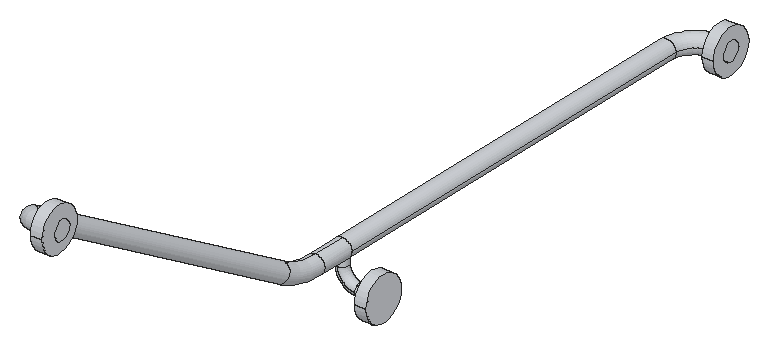
Revit family "DT7+8_Toilet Rail_Set", category Generic Models, Revit 2013
Parameters (values of type "DT3+4_Toilet Rail")
  URL = "http://www.surecare.com.au"
  Rail Radius = 16.0 mm
  Model = "DT3 /DT4"
  Manufacturer = "SURE CARE"
  Description = "Toilet Grab Rail Side Only with Angle upturn"
Reference planes
  plane 1 "Center (Front/Back)": y = 0
  plane 2: z = 0
  plane 3 "Center (Left/Right)": x = 0
  plane 4 "Side Rail Center": x = -71
  plane 5 "Rail Center Height": z = 784
  plane 6 "Side Rail Crank Point A": y = -900
  plane 7 "Side Rail End": y = -1500
  plane 8: z = 1145
  plane 9 "Crank Angle": through (0, -900, 784) normal (0, 0.515, 0.8572)
  plane 10 "Side Rail Bracket A": y = -800
  plane 11 "Bracket Height": z = 730
  plane 12: z = 800
  plane 13 "Side Rail Start": y = -50
  plane 14: x = -55
Forms (mm)
  Sweep 1, solid
    path origin (0, 0, 784) x (-1, 0, 0) y (0, -1, 0)
      loop
        line (0, 50) -> (21, 50)
        arc (21, 50) -> (56.355, 64.645) -> (71, 100) r 50
        line (71, 100) -> (71, 800)
    profile origin (-71, -450, 784) x (1, 0, 0) y (0, 0, 1)
      loop
        circle (0, 0) r 16
  Sweep 2, solid
    path in 3D
      loop
        line (-71, -800, 784) -> (-71, -858.401, 784)
        arc (-71, -858.401, 784) -> (-71, -898.487, 789.455) -> (-71, -935.657, 805.425) r 150
        line (-71, -935.657, 805.425) -> (-71, -1451.886, 1115.607) -> (-71, -1459.062, 1119.918)
        arc (-71, -1459.062, 1119.918) -> (-58.991, -1483.912, 1134.85) -> (-30, -1494.205, 1141.035) r 41
        line (-30, -1494.205, 1141.035) -> (0, -1494.205, 1141.035)
    profile origin (-71, -898.487, 789.455) x (0, -0.267238, -0.96363) y (1, 0, 0)
      loop
        circle (0, 0) r 16
  Extrusion 3, solid
    sketch origin (0, 0, 25) x (0, 1, 0) y (0, 0, 1)
      loop
        circle (-800, 705) r 37.5
    from 0 to -20
  Sweep 4, solid
    path origin (0, -800, 0) x (-1, 0, 0) y (0, 0, 1)
      loop
        line (71, 784) -> (71, 760)
        arc (71, 760) -> (62.213, 738.787) -> (41, 730) r 30
        line (41, 730) -> (20, 730)
    profile origin (-71, -800, 772) x (0, 1, 0) y (-1, 0, 0)
      loop
        circle (0, 0) r 10
  Extrusion 5, solid
    sketch origin (0, -789.342, 312.297) x (0, 1, 0) y (0, 0, 1)
      loop
        circle (-710.658, 832.703) r 37.5
    from 0 to -20
  Extrusion 6, solid
    sketch origin (0, 0, 0) x (0, 1, 0) y (0, 0, 1)
      loop
        circle (-50, 784) r 37.5
    from 0 to -20
Cuts and joins
  joined: Sweep 1, Sweep 2
Lines and regions (mm)
  reference lines
    curve 1: line (-71, -858.401, 784) -> (-71, -800, 784)
    curve 2: line (-71, -935.657, 805.425) -> (-71, -1449.957, 1114.448)
    curve 3: arc (-71, -858.401, 784) -> (-71, -898.487, 789.455) -> (-71, -935.657, 805.425) r 150
    curve 4: line (0, -1494.205, 1141.035) -> (-30, -1494.205, 1141.035)
    curve 5: line (-71, -1459.062, 1119.918) -> (-71, -1451.886, 1115.607)
    curve 6: arc (-71, -1459.062, 1119.918) -> (-58.991, -1483.912, 1134.85) -> (-30, -1494.205, 1141.035) r 41
  sketch lines
    curve 7: arc (-71, -858.401, 784) -> (-71, -898.487, 789.455) -> (-71, -935.657, 805.425) r 150
    curve 8: line (-71, -935.657, 805.425) -> (-71, -1451.886, 1115.607)
    curve 9: line (-71, -858.401, 784) -> (-71, -800, 784)
    curve 10: arc (-71, -1459.062, 1119.918) -> (-58.991, -1483.912, 1134.85) -> (-30, -1494.205, 1141.035) r 41
    curve 11: line (-71, -1459.062, 1119.918) -> (-71, -1451.886, 1115.607)
    curve 12: line (0, -1494.205, 1141.035) -> (-30, -1494.205, 1141.035)
Dimensions and locks
  plane 5 "Rail Center Height" to level = 784.0 mm
  plane 7 "Side Rail End" to plane 1 "Center (Front/Back)" = 1500.0 mm
  plane 10 "Side Rail Bracket A" to plane 1 "Center (Front/Back)" = 800.0 mm
  plane 11 "Bracket Height" to level = 730.0 mm
  "Rail Radius": plane 12 to plane 5 "Rail Center Height"
  "Rail Radius": plane 4 "Side Rail Center" to plane 14
  plane 4 "Side Rail Center" to plane 3 "Center (Left/Right)" = 71.0 mm
  "Rail Radius": radius of Sweep 1 sketch curve
  "Rail Radius": radius of Sweep 2 sketch curve
  radius of Sweep 1 sketch curve = 50.0 mm
  angle plane 5 "Rail Center Height" to plane 9 "Crank Angle" = 31.00°
  aligned and locked: level to plane 2
  aligned and locked: Sweep 1 sketch curve to plane 4 "Side Rail Center"
  aligned and locked: Sweep 2 to Sweep 1 sketch curve
  aligned and locked: plane 10 "Side Rail Bracket A" to Extrusion 3 sketch curve
  aligned and locked: plane 11 "Bracket Height" to Extrusion 3 sketch curve
  aligned and locked: Sweep 4 sketch curve to plane 11 "Bracket Height"
  aligned and locked: Sweep 4 sketch curve to plane 4 "Side Rail Center"
  aligned and locked: plane 5 "Rail Center Height" to Sweep 4 sketch curve
  aligned and locked: plane 8 to Extrusion 5 sketch curve
  aligned and locked: plane 7 "Side Rail End" to Extrusion 5 sketch curve
  aligned and locked: plane 5 "Rail Center Height" to curve 1
  aligned and locked: Sweep 1 sketch curve to plane 13 "Side Rail Start"
  aligned and locked: plane 3 "Center (Left/Right)" to Sweep 1 sketch curve
  aligned and locked: plane 13 "Side Rail Start" to Extrusion 6 sketch curve
  aligned and locked: plane 5 "Rail Center Height" to Extrusion 6 sketch curve
Automatic sketch dimensions
  Sweep 1 sketch curve to plane 5 "Rail Center Height" = 0.0 mm
  profile plane to Sweep 1 sketch curve = 0.0 mm
  curve 2 to plane 9 "Crank Angle" = 0.0 mm  (x2)
  plane 5 "Rail Center Height" to curve 3 = 21.425 mm
  curve 2 to plane 8 = 30.552 mm
  plane 6 "Side Rail Crank Point A" to curve 3 = 41.599 mm
  curve 4 to plane 3 "Center (Left/Right)" = 0.0 mm
  curve 6 to plane 4 "Side Rail Center" = 0.0 mm
  curve 4 to plane 3 "Center (Left/Right)" = 30.0 mm
  curve 6 to curve 5 = 8.371 mm
  Sweep 2 sketch curve to profile plane = 0.0 mm  (x2)
  plane 4 "Side Rail Center" to Sweep 4 sketch curve = 30.0 mm
  Sweep 4 sketch curve to plane 3 "Center (Left/Right)" = 20.0 mm
  Sweep 4 sketch curve to plane 10 "Side Rail Bracket A" = 0.0 mm
  Sweep 4 sketch curve to profile plane = 0.0 mm
  curve 1 to curve 1 = 58.401 mm
  radius of Extrusion 3 sketch curve = 37.5 mm
  radius of Sweep 4 sketch curve = 10.0 mm
  radius of Extrusion 5 sketch curve = 37.5 mm
  radius of Extrusion 6 sketch curve = 37.5 mm
